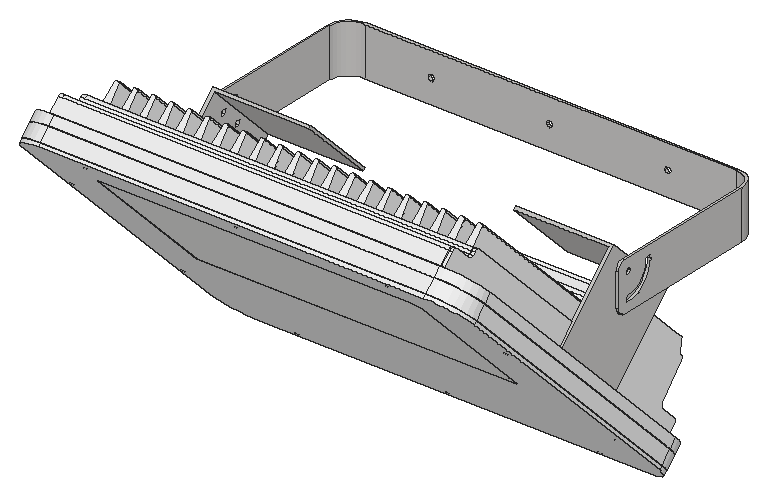
Revit family "FT ATEX LED MAX_2021", category Luminarias, Revit 2021 (continued)
Parameters (values of type "PA304B")
    \t3558.721\t3556.798\t3554.2341\t3548.2516\t3537.7823\r\n3526.672\t3515.7753\t3504.665\t3499.7508\t3494.8366\t3490.9907\t3493.7683\t3502.3147\t3536.073\t3574.5318\r\n3622.3916\t3628.8014\t3629.4424\t3689.2672\t3774.3039\t3880.7066\t4005.9113\t4163.5924\t4379.8163\t4650.5236\r\n4913.1117\t5154.5475\t5380.5998\t5532.0847\t5537.8535\t5372.0534\t4994.7298\t4266.1492\t3270.7073\t2365.0025\r\n1632.3624\t1029.4139\t589.7016\t375.4006\t270.0662\t209.3868\t0\t0\t0\t0\r\n0\t0\t0\t0\t0\t0\t0\t0\t0\t0\r\n0\t0\t0\t0\t0\t0\t0\t0\t0\t0\r\n0\t0\t0\t0\t0\t0\t0\t0\t0\t0\r\n0\t0\t0\t0\t0\t0\t0\t0\t0\t0\r\n0\r\n3513.2114\t3544.4057\t3567.6947\t3585.8558\t3600.3847\t3612.5633\t3623.0326\t3631.3654\t3638.4161\t3639.9118\r\n3640.3391\t3639.6981\t3637.7752\t3642.6893\t3646.3216\t3652.7314\t3661.0641\t3673.8837\t3714.0518\t3756.5701\r\n3812.3354\t3847.5893\t3840.1112\t3895.6628\t3989.0322\t4102.913\t4249.6974\t4428.7445\t4683.2135\t4989.3883\r\n5336.5858\t5672.8867\t5998.2908\t6271.1347\t6371.9822\t6265.5795\t5800.4417\t4931.0591\t4005.2704\t2876.9319\r\n1893.6686\t1128.3385\t627.7331\t383.7334\t274.1258\t210.2414\t0\t0\t0\t0\r\n0\t0\t0\t0\t0\t0\t0\t0\t0\t0\r\n0\t0\t0\t0\t0\t0\t0\t0\t0\t0\r\n0\t0\t0\t0\t0\t0\t0\t0\t0\t0\r\n0\t0\t0\t0\t0\t0\t0\t0\t0\t0\r\n0\r\n3515.7753\t3558.2936\t3594.1885\t3623.0326\t3649.0991\t3671.5334\t3697.1726\t3717.4703\t3738.6227\t3752.7242\r\n3765.3302\t3776.2268\t3785.8415\t3800.1568\t3814.8993\t3829.6418\t3844.1707\t3858.4859\t3878.3563\t3948.4368\r\n4006.9796\t4058.6854\t4065.3088\t4097.9988\t4179.6169\t4294.3523\t4440.7094\t4628.0893\t4879.5671\t5241.0798\r\n5637.8464\t6074.1401\t6530.3042\t6991.5962\t7269.3542\t7283.4557\t6689.0536\t5728.4383\t4793.8894\t3405.3131\r\n2278.4702\t1373.6201\t763.8345\t435.2254\t276.9034\t209.8141\t0\t0\t0\t0\r\n0\t0\t0\t0\t0\t0\t0\t0\t0\t0\r\n0\t0\t0\t0\t0\t0\t0\t0\t0\t0\r\n0\t0\t0\t0\t0\t0\t0\t0\t0\t0\r\n0\t0\t0\t0\t0\t0\t0\t0\t0\t0\r\n0\r\n3517.0573\t3568.5493\t3617.4775\t3658.7138\t3695.2497\t3734.7768\t3772.8083\t3807.6349\t3841.1795\t3868.7416\r\n3895.4491\t3916.3878\t3938.6084\t3959.7608\t3983.6907\t4006.9796\t4028.773\t4045.4384\t4061.8903\t4112.7413\r\n4177.053\t4237.3051\t4282.3874\t4274.9093\t4328.9653\t4429.3855\t4562.923\t4739.4061\t4980.4146\t5361.3704\r\n5866.8899\t6397.1941\t7039.2424\t7703.084\t8237.4476\t8483.1566\t7981.483\t6855.7084\t5523.111\t4140.9445\r\n2709.2088\t1671.4622\t1006.1249\t595.4704\t353.821\t229.0435\t0\t0\t0\t0\r\n0\t0\t0\t0\t0\t0\t0\t0\t0\t0\r\n0\t0\t0\t0\t0\t0\t0\t0\t0\t0\r\n0\t0\t0\t0\t0\t0\t0\t0\t0\t0\r\n0\t0\t0\t0\t0\t0\t0\t0\t0\t0\r\n0\r\n3516.6299\t3579.0187\t3637.3478\t3693.3268\t3743.3232\t3796.5245\t3845.6663\t3894.1672\t3941.1724\t3983.0497\r\n4020.6539\t4056.7624\t4090.0934\t4120.6468\t4150.7728\t4180.0442\t4206.7517\t4224.0582\t4251.193\t4274.482\r\n4327.0423\t4394.5589\t4447.1192\t4446.0509\t4463.9984\t4552.8809\t4679.5813\t4852.6459\t5102.6281\t5519.0515\r\n6070.0806\t6739.0501\t7490.4923\t8329.7488\t8900.221\t9063.4572\t8747.8814\t7872.3027\t6223.0612\t4447.7602\r\n3034.8266\t1869.9523\t1155.4733\t702.9414\t421.3375\t260.6652\t0\t0\t0\t0\r\n0\t0\t0\t0\t0\t0\t0\t0\t0\t0\r\n0\t0\t0\t0\t0\t0\t0\t0\t0\t0\r\n0\t0\t0\t0\t0\t0\t0\t0\t0\t0\r\n0\t0\t0\t0\t0\t0\t0\t0\t0\t0\r\n0\r\n3515.1343\t3586.9241\t3657.0046\t3724.9484\t3790.3284\t3855.4947\t3918.7381\t3979.2038\t4035.1828\t4093.2983\r\n4143.5084\t4193.9321\t4239.4417\t4278.9688\t4315.0774\t4348.622\t4377.4661\t4398.1911\t4434.2996\t4436.8636\r\n4454.17\t4525.3188\t4582.5797\t4616.7653\t4634.0717\t4703.9386\t4842.3902\t5051.9907\t5356.2425\t5779.2893\r\n6382.8788\t7081.3334\t7804.3588\t8470.337\t8849.7972\t9047.219\t9045.7234\t8108.8243\t6372.4095\t4319.9915\r\n2927.9966\t1973.1501\t1291.1474\t811.6943\t487.1448\t293.3552\t0\t0\t0\t0\r\n0\t0\t0\t0\t0\t0\t0\t0\t0\t0\r\n0\t0\t0\t0\t0\t0\t0\t0\t0\t0\r\n0\t0\t0\t0\t0\t0\t0\t0\t0\t0\r\n0\t0\t0\t0\t0\t0\t0\t0\t0\t0\r\n0\r\n3517.6982\t3599.3164\t3677.5159\t3757.4248\t3835.6243\t3914.8922\t3992.8781\t4064.2405\t4133.039\t4203.7605\r\n4268.9268\t4329.3926\t4383.8759\t4432.163\t4472.9721\t4509.508\t4540.7023\t4567.8371\t4597.5359\t4611.8511\r\n4629.1576\t4660.3519\t4726.1592\t4781.4971\t4861.1923\t4939.3919\t5115.0204\t5379.5315\t5741.2579\t6248.273\r\n6835.4107\t7407.8059\t7840.4674\t8111.8156\t8563.9201\t8721.1739\t8054.341\t7143.5084\t5469.4823\t3655.5089\r\n2453.6714\t1718.0401\t1175.771\t779.218\t491.6317\t304.2518\t0\t0\t0\t0\r\n0\t0\t0\t0\t0\t0\t0\t0\t0\t0\r\n0\t0\t0\t0\t0\t0\t0\t0\t0\t0\r\n0\t0\t0\t0\t0\t0\t0\t0\t0\t0\r\n0\t0\t0\t0\t0\t0\t0\t0\t0\t0\r\n0\r\n3511.7158\t3602.7349\t3689.2672\t3781.3547\t3874.7241\t3966.3842\t4055.4805\t4142.0128\t4224.9128\t4303.7534\r\n4377.2524\t4448.6149\t4512.2855\t4570.1874\t4622.1068\t4665.6934\t4697.5288\t4735.5602\t4774.019\t4790.0435\r\n4807.7773\t4828.9297\t4884.4813\t4979.7736\t5096.0047\t5268.4283\t5480.5927\t5802.5783\t6238.4447\t6734.9905\r\n7181.7536\t7507.5851\t7790.6846\t8132.3269\t8116.0888\t7186.2404\t6250.196\t5280.6069\t3848.4439\t2589.1319\r\n1779.3605\t1256.9618\t885.8344\t611.9222\t414.0731\t251.9051\t0\t0\t0\t0\r\n0\t0\t0\t0\t0\t0\t0\t0\t0\t0\r\n0\t0\t0\t0\t0\t0\t0\t0\t0\t0\r\n0\t0\t0\t0\t0\t0\t0\t0\t0\t0\r\n0\t0\t0\t0\t0\t0\t0\t0\t0\t0\r\n0\r\n3505.7333\t3605.0852\t3700.5912\t3804.43\t3909.337\t4013.1758\t4116.8009\t4217.0074\t4312.5134\t4400.5414\r\n4484.7234\t4563.7776\t4633.0034\t4698.8107\t4757.3536\t4809.2729\t4849.8683\t4896.2326\t4937.2553\t4969.0906\r\n4994.7298\t5030.411\t5098.5686\t5223.1324\t5405.3843\t5637.4191\t5935.0475\t6332.4551\t6774.9449\t7165.9427\r\n7425.967\t7681.718\t7986.3971\t7935.5461\t6855.7084\t5597.251\t4367.8514\t3151.485\t2197.9204\t1537.4974\r\n1091.1616\t771.0989\t543.551\t383.947\t275.6214\t193.3623\t0\t0\t0\t0\r\n0\t0\t0\t0\t0\t0\t0\t0\t0\t0\r\n0\t0\t0\t0\t0\t0\t0\t0\t0\t0\r\n0\t0\t0\t0\t0\t0\t0\t0\t0\t0\r\n0\t0\t0\t0\t0\t0\t0\t0\t0\t0\r\n0\r\n3498.4688\t3606.5808\t3710.4196\t3822.8047\t3938.6084\t4055.9078\t4171.0705\t4285.3786\t4391.7813\t4491.5605\r\n4584.289\t4670.8213\t4749.4481\t4819.7423\t4887.2588\t4943.6651\t4990.243\t5048.1448\t5088.3129\t5139.164\r\n5178.6911\t5244.4984\t5355.3879\t5525.8886\t5754.5048\t6046.3643\t6418.3464\t6839.2566\t7226.1949\t7495.4065\r\n7736.6286\t8056.9049\t8073.9977\t6953.7784\t5604.3018\t4230.8953\t2960.2593\t2042.3759\t1422.7619\t1011.6801\r\n729.2216\t523.467\t380.5285\t279.04\t211.0961\t159.3904\t0\t0\t0\t0\r\n0\t0\t0\t0\t0\t0\t0\t0\t0\t0\r\n0\t0\t0\t0\t0\t0\t0\t0\t0\t0\r\n0\t0\t0\t0\t0\t0\t0\t0\t0\t0\r\n0\t0\t0\t0\t0\t0\t0\t0\t0\t0\r\n0\r\n3503.383\t3615.5545\t3727.2987\t3848.4439\t3974.717\t4102.6993\t4228.9724\t4353.7498\t4470.8355\t4579.1611\r\n4681.5043\t4778.0786\t4864.6109\t4944.7334\t5018.4461\t5083.3987\t5137.241\t5196.6385\t5240.2252\t5297.0587\r\n5358.3791\t5461.1496\t5634.2142\t5860.9075\t6147.4255\t6508.9382\t6936.2582\t7325.5468\t7617.4063\t7855.4236\r\n8190.8698\t8383.3774\t7358.8777\t5880.1369\t4426.8215\t3037.8179\t2067.3742\t1419.1297\t1008.0479\t727.085\r\n542.6964\t396.3393\t294.4235\t227.9752\t183.5339\t149.7757\t0\t0\t0\t0\r\n0\t0\t0\t0\t0\t0\t0\t0\t0\t0\r\n0\t0\t0\t0\t0\t0\t0\t0\t0\t0\r\n0\t0\t0\t0\t0\t0\t0\t0\t0\t0\r\n0\t0\t0\t0\t0\t0\t0\t0\t0\t0\r\n0\r\n3499.7508\t3618.5458\t3736.6997\t3864.0411\t3998.0059\t4134.1073\t4269.9951\t4405.4555\t4533.2242\t4648.6006\r\n4759.7038\t4860.5513\t4957.553\t5045.7946\t5127.199\t5203.0483\t5274.8381\t5348.9781\t5403.2477\t5463.2862\r\n5529.9481\t5663.9129\t5877.7866\t6145.9299\t6482.6581\t6907.6278\t7329.6063\t7676.3765\t7928.2816\t8221.4231\r\n8589.132\t8129.9767\t6572.6089\t5104.5511\t3483.5126\t2326.3301\t1584.9299\t1117.8691\t813.6173\t604.8715\r\n473.8979\t359.1625\t264.0838\t207.6775\t170.287\t141.8702\t0\t0\t0\t0\r\n0\t0\t0\t0\t0\t0\t0\t0\t0\t0\r\n0\t0\t0\t0\t0\t0\t0\t0\t0\t0\r\n0\t0\t0\t0\t0\t0\t0\t0\t0\t0\r\n0\t0\t0\t0\t0\t0\t0\t0\t0\t0\r\n0\r\n3502.742\t3625.3829\t3748.0237\t3884.7661\t4024.2861\t4167.652\t4314.0091\t4455.452\t4588.5622\t4711.844\r\n4826.5794\t4931.4865\t5031.2657\t5123.7805\t5212.4494\t5298.9817\t5387.0096\t5474.6102\t5552.1688\t5631.0093\r\n5736.771\t5900.0072\t6117.0858\t6420.483\t6802.2934\t7252.9024\t7647.746\t7959.9033\t8234.2427\t8581.2266\r\n8673.7414\t7487.2874\t6004.2733\t4225.9811\t2762.8375\t1852.6459\t1284.7376\t934.9762\t696.9589\t524.9626\r\n418.9873\t330.3184\t249.7685\t197.8492\t163.6636\t136.9561\t0\t0\t0\t0\r\n0\t0\t0\t0\t0\t0\t0\t0\t0\t0\r\n0\t0\t0\t0\t0\t0\t0\t0\t0\t0\r\n0\t0\t0\t0\t0\t0\t0\t0\t0\t0\r\n0\t0\t0\t0\t0\t0\t0\t0\t0\t0\r\n0\r\n3498.8962\t3626.0239\t3752.5106\t3893.9535\t4038.3877\t4189.018\t4340.7166\t4486.219\t4625.098\t4754.7896\r\n4871.6617\t4981.2692\t5084.6807\t5179.7594\t5271.2059\t5363.7206\t5458.372\t5557.7239\t5651.0933\t5750.0179\r\n5888.6833\t6094.4378\t6352.5391\t6679.0116\t7081.7607\t7484.5098\t7856.0645\t8169.0764\t8483.7976\t8852.5748\r\n8546.4\t7058.8991\t5606.0111\t3655.5089\t2370.985\t1600.7407\t1128.7658\t840.5384\t625.8101\t467.9154\r\n373.4777\t294.4235\t227.1206\t184.3886\t152.9806\t129.0506\t0\t0\t0\t0\r\n0\t0\t0\t0\t0\t0\t0\t0\t0\t0\r\n0\t0\t0\t0\t0\t0\t0\t0\t0\t0\r\n0\t0\t0\t0\t0\t0\t0\t0\t0\t0\r\n0\t0\t0\t0\t0\t0\t0\t0\t0\t0\r\n0\r\n3501.2464\t3630.2971\t3759.5614\t3903.5682\t4051.8482\t4207.6064\t4363.5782\t4515.2768\t4655.8651\t4788.3343\r\n4905.6336\t5015.4548\t5117.798\t5213.5177\t5308.81\t5404.316\t5508.1548\t5613.7028\t5712.4138\t5833.1317\r\n5996.3679\t6234.3851\t6537.5687\t6907.6278\t7341.3576\t7750.0892\t8098.7823\t8383.3774\t8725.0198\t9048.7147\r\n8361.5841\t6833.9151\t5065.024\t3170.9281\t2087.4582\t1416.3521\t1011.6801\t768.3214\t552.0974\t421.3375\r\n336.3008\t267.075\t210.6688\t173.7056\t145.0751\t115.8037\t0\t0\t0\t0\r\n0\t0\t0\t0\t0\t0\t0\t0\t0\t0\r\n0\t0\t0\t0\t0\t0\t0\t0\t0\t0\r\n0\t0\t0\t0\t0\t0\t0\t0\t0\t0\r\n0\t0\t0\t0\t0\t0\t0\t0\t0\t0\r\n0\r\n3496.3322\t3627.0922\t3758.9204\t3902.4999\t4053.7712\t4211.6659\t4369.5607\t4521.6866\t4664.8388\t4798.8036\r\n4915.0346\t5024.8559\t5127.84\t5227.1919\t5323.5526\t5419.6996\t5526.1022\t5635.9235\t5741.6852\t5872.8724\r\n6055.7654\t6313.4393\t6631.5791\t7021.9359\t7472.9722\t7887.0452\t8245.1394\t8567.3387\t8949.5764\t9213.8738\r\n8340.2181\t6811.2671\t4756.9262\t2979.4887\t1979.5599\t1338.5799\t965.1022\t732.6401\t517.4845\t400.6125\r\n319.6354\t252.7598\t200.8404\t166.6548\t138.4517\t110.6759\t0\t0\t0\t0\r\n0\t0\t0\t0\t0\t0\t0\t0\t0\t0\r\n0\t0\t0\t0\t0\t0\t0\t0\t0\t0\r\n0\t0\t0\t0\t0\t0\t0\t0\t0\t0\r\n0\t0\t0\t0\t0\t0\t0\t0\t0\t0\r\n0"
  Modules = "6"
  Lumens = 20100 lm
  built-in parameter 1150115 = 1 (stored number, unit not read)
  built-in parameter 1150105 = 1599.5 (stored number, unit not read)
  built-in parameter 1150137 = (empty or 0)
  built-in parameter 1150139 = (empty or 0)
  Led Module = yes
  built-in parameter 1150112 = 1 (stored number, unit not read)
  built-in parameter 1150114 = 1 (stored number, unit not read)
  built-in parameter 1150132 = 2
  built-in parameter 1150102 = (empty or 0)
  built-in parameter 1150138 = (empty or 0)
  built-in parameter 1150107 = 4000 (stored number, unit not read)
  built-in parameter 1150106 = 15.995 (stored number, unit not read)
  IP = "IP66"
  IK = "IK07"
  Glow wire test = ""
  Equiv MH = 250 W
  Emit from Rectangle Width = 609.6 mm
  Emit from Rectangle Length = 1219.2 mm
  Forma visible en renderización = no
  Emergency system = no
  built-in parameter 1150104 = 13.8 (stored number, unit not read)
  EX Area = "II 3GD Ex nR IIC T5 Gc Ex tb IIIC 100ºC Dc"
  Dimming Lamp Color Temperature Shift = (empty or 0)
  Descripción = "https://www.airfal.com/wp-content/uploads/2019/04/FT-ATEX-LED-MAX.pdf"
  Default Elevation = 0 mm
  Color Filter = 16777215
  built-in parameter 1114218 = 1 (stored number, unit not read)
  built-in parameter 1150133 = 10 (stored number, unit not read)
Reference planes
  plane 1 "Light Source Axis (F/B)": y = 127.013
  plane 2: z = 0
  plane 3 "Light Source Axis (L/R)": x = 0
  plane 4 "Light Source Elevation": through (0, -1.095, 1368.957) normal (0, -0.7071, -0.7071)
  plane 5 "Housing": through (4572, -204.579, 1572.441) normal (0, -0.7071, -0.7071)
  plane 6 "U Axis": z = 1389.607
Forms (mm)
  Extrusion 1, solid, material "Stainless Steel", not visible
    sketch origin (-1007.481, -4572, 1620.824) x (-1, 0, 0) y (0, -1, 0)
      loop
        arc (-772.481, -5035.905) -> (-752.682, -5027.704) -> (-744.481, -5007.905) r 28
        line (-744.481, -5007.905) -> (-744.481, -4812.905) -> (-747.481, -4812.905) -> (-747.481, -5007.905)
        arc (-747.481, -5007.905) -> (-754.804, -5025.583) -> (-772.481, -5032.905) r 25
        line (-772.481, -5032.905) -> (-1242.481, -5032.905)
        arc (-1242.481, -5032.905) -> (-1260.159, -5025.583) -> (-1267.481, -5007.905) r 25
        line (-1267.481, -5007.905) -> (-1267.481, -4812.905) -> (-1270.481, -4812.905) -> (-1270.481, -5007.905)
        arc (-1270.481, -5007.905) -> (-1262.28, -5027.704) -> (-1242.481, -5035.905) r 28
        line (-1242.481, -5035.905) -> (-772.481, -5035.905)
    from 0 to 61.3
  Extrusion 2, void, not visible
    sketch origin (0, 0, 249.224) x (0, 1, 0) y (0, 0, 1)
      loop
        line (240.905, 1371.6) -> (250.905, 1371.6)
        arc (250.905, 1371.6) -> (243.834, 1374.529) -> (240.905, 1381.6) r 10
        line (240.905, 1381.6) -> (240.905, 1371.6)
      loop
        line (240.905, 1432.9) -> (240.905, 1422.9)
        arc (240.905, 1422.9) -> (243.834, 1429.971) -> (250.905, 1432.9) r 10
        line (250.905, 1432.9) -> (240.905, 1432.9)
      loop
        circle (255.905, 1417.95) r 4.2
      loop
        arc (255.905, 1390.75) -> (251.705, 1386.55) -> (255.905, 1382.35) r 4.2
        arc (255.905, 1382.35) -> (281.078, 1392.777) -> (291.505, 1417.95) r 35.6
        arc (291.505, 1417.95) -> (287.305, 1422.15) -> (283.105, 1417.95) r 4.2
        arc (283.105, 1417.95) -> (275.139, 1398.717) -> (255.905, 1390.75) r 27.2
    from -263 to 263
  Extrusion 3, void, not visible
    sketch origin (0, 0, 249.224) x (1, 0, 0) y (0, 0, 1)
      loop
        circle (-150, 1400.15) r 4.2
      loop
        circle (0, 1400.15) r 4.2
      loop
        circle (150, 1400.15) r 4.2
    from -463.905 to -460.905
Dimensions and locks
  aligned and locked: level to plane 2
  aligned and locked: plane 6 "U Axis" to nested 1
Nested families
  nested 1: "U Support" at (0, 127.013, 1374.257) x (1, 0, 0) z (0, 1, 0), type "U Support"
  nested 2: "Housing" at (0, 55.915, 1311.947) x (-1, 0, 0) z (0, 0.7071, 0.7071), type "Housing"
  nested 3: "Cover" at (0, 55.915, 1311.947) x (1, 0, 0) z (0, -0.7071, -0.7071), type "Cover"
Definition of nested family "U Support"
  Parameters (values of type "U Support")
    Default Elevation = 1219.2 mm
  Reference planes
    plane 1 "Center (Front/Back)": y = 0
    plane 2: z = 0
    plane 3 "Center (Left/Right)": x = 0
    plane 4: z = 35
  Forms (mm)
    Extrusion 1, solid
      sketch origin (0, 0, 0) x (1, 0, 0) y (0, 1, 0)
        loop
          line (-1219.2, 1219.2) -> (-1219.2, -1219.2) -> (1219.2, -1219.2) -> (1219.2, 1219.2) -> (-1219.2, 1219.2)
      from 0 to -304.8
    Extrusion 2, solid
      sketch origin (0, 30.65, 35) x (1, 0, 0) y (0, 0, 1)
        loop
          line (-263, 0) -> (-260, 0) -> (-260, 195)
          arc (-260, 195) -> (-252.678, 212.678) -> (-235, 220) r 25
          line (-235, 220) -> (235, 220)
          arc (235, 220) -> (252.678, 212.678) -> (260, 195) r 25
          line (260, 195) -> (260, 0) -> (263, 0) -> (263, 195)
          arc (263, 195) -> (254.799, 214.799) -> (235, 223) r 28
          line (235, 223) -> (-235, 223)
          arc (-235, 223) -> (-254.799, 214.799) -> (-263, 195) r 28
          line (-263, 195) -> (-263, 0)
      from 0 to 61.3
    Extrusion 3, void
      sketch origin (0, 30.65, 35) x (0, -1, 0) y (1, 0, 0)
        loop
          circle (30.65, 150) r 4
        loop
          circle (30.65, 0) r 4
        loop
          circle (30.65, -150) r 4
      from 220 to 223
    Extrusion 4, void
      sketch origin (0, 30.65, 35) x (0, 0, 1) y (0, -1, 0)
        loop
          line (0, 61.3) -> (0, 51.3)
          arc (0, 51.3) -> (2.929, 58.371) -> (10, 61.3) r 10
          line (10, 61.3) -> (0, 61.3)
        loop
          line (0, 0) -> (10, 0)
          arc (10, 0) -> (2.929, 2.929) -> (0, 10) r 10
          line (0, 10) -> (0, 0)
        loop
          circle (15, 46) r 4.2
        loop
          arc (15, 19.2) -> (10.8, 15) -> (15, 10.8) r 4.2
          arc (15, 10.8) -> (39.89, 21.11) -> (50.2, 46) r 35.2
          arc (50.2, 46) -> (46, 50.2) -> (41.8, 46) r 4.2
          arc (41.8, 46) -> (33.95, 27.05) -> (15, 19.2) r 26.8
      from -263 to 263
  Cuts and joins
    Extrusion 3, Extrusion 4 cuts Extrusion 2
  Lines and regions (mm)
    model lines
      curve 1: line (-263, -15.35, 54.2) -> (-263, -15.35, 76.8)
      curve 2: line (-263, -11.15, 50) -> (-263, 11.45, 50)
      curve 3: line (263, -15.35, 54.2) -> (263, -15.35, 76.8)
      curve 4: line (263, -11.15, 50) -> (263, 11.45, 50)
  Dimensions and locks
    aligned and locked: plane 2 to Extrusion 1
    aligned and locked: level to Extrusion 1
Definition of nested family "Housing"
  Parameters (values of type "Housing")
    Default Elevation = 1219.2 mm
  Reference planes
    plane 1 "Center (Front/Back)": y = 0
    plane 2: z = 0
    plane 3 "Center (Left/Right)": x = 0
    plane 4: x = -250
    plane 5: x = -245
    plane 6: x = 250
    plane 7: x = 245
  Forms (mm)
    Extrusion 1, solid
      sketch origin (0, 0, 0) x (1, 0, 0) y (0, 1, 0)
        loop
          line (-1219.2, 1219.2) -> (-1219.2, -1219.2) -> (1219.2, -1219.2) -> (1219.2, 1219.2) -> (-1219.2, 1219.2)
      from 0 to -304.8
    Extrusion 2, solid
      sketch origin (80.881, -55.184, 0) x (1, 0, 0) y (0, 1, 0)
        loop
          arc (-325.221, 303.184) -> (-353.972, 291.275) -> (-365.881, 262.524) r 40.66
          line (-365.881, 262.524) -> (-365.881, -152.156)
          arc (-365.881, -152.156) -> (-353.972, -180.906) -> (-325.221, -192.816) r 40.66
          line (-325.221, -192.816) -> (163.459, -192.816)
          arc (163.459, -192.816) -> (192.21, -180.906) -> (204.119, -152.156) r 40.66
          line (204.119, -152.156) -> (204.119, 262.524)
          arc (204.119, 262.524) -> (192.21, 291.275) -> (163.459, 303.184) r 40.66
          line (163.459, 303.184) -> (-325.221, 303.184)
        loop
          arc (-360.881, -152.156) -> (-350.436, -177.371) -> (-325.221, -187.816) r 35.66
          line (-325.221, -187.816) -> (163.459, -187.816)
          arc (163.459, -187.816) -> (188.675, -177.371) -> (199.119, -152.156) r 35.66
          line (199.119, -152.156) -> (199.119, 262.524)
          arc (199.119, 262.524) -> (188.675, 287.74) -> (163.459, 298.184) r 35.66
          line (163.459, 298.184) -> (-325.221, 298.184)
          arc (-325.221, 298.184) -> (-350.436, 287.74) -> (-360.881, 262.524) r 35.66
          line (-360.881, 262.524) -> (-360.881, -152.156)
      from 0 to 18.5
    Extrusion 3, solid
      sketch origin (80.881, -55.184, 18.5) x (1, 0, 0) y (0, 1, 0)
        loop
          line (163.459, 303.184) -> (-325.221, 303.184)
          arc (-325.221, 303.184) -> (-353.972, 291.275) -> (-365.881, 262.524) r 40.66
          line (-365.881, 262.524) -> (-365.881, -152.156)
          arc (-365.881, -152.156) -> (-353.972, -180.906) -> (-325.221, -192.816) r 40.66
          line (-325.221, -192.816) -> (163.459, -192.816)
          arc (163.459, -192.816) -> (192.21, -180.906) -> (204.119, -152.156) r 40.66
          line (204.119, -152.156) -> (204.119, 262.524)
          arc (204.119, 262.524) -> (192.21, 291.275) -> (163.459, 303.184) r 40.66
        loop
          line (-325.881, 252.944) -> (-325.881, -142.576)
          arc (-325.881, -142.576) -> (-322.917, -149.731) -> (-315.761, -152.696) r 10.12
          line (-315.761, -152.696) -> (153.999, -152.696)
          arc (153.999, -152.696) -> (161.155, -149.731) -> (164.119, -142.576) r 10.12
          line (164.119, -142.576) -> (164.119, 252.944)
          arc (164.119, 252.944) -> (161.155, 260.1) -> (153.999, 263.064) r 10.12
          line (153.999, 263.064) -> (-315.761, 263.064)
          arc (-315.761, 263.064) -> (-322.917, 260.1) -> (-325.881, 252.944) r 10.12
      from 0 to 12.8
    Extrusion 4, solid
      sketch origin (0, 0, 0) x (0, 1, 0) y (0, 0, 1)
        loop
          line (248, 31.3) -> (247.357, 49.724)
          arc (247.357, 49.724) -> (245.833, 53.147) -> (242.36, 54.55) r 5
          line (242.36, 54.55) -> (216.361, 54.55)
          arc (216.361, 54.55) -> (212.983, 55.864) -> (211.38, 59.114) r 5
          line (211.38, 59.114) -> (211.02, 63.236)
          arc (211.02, 63.236) -> (209.417, 66.486) -> (206.039, 67.8) r 5
          line (206.039, 67.8) -> (-49.678, 67.8)
          arc (-49.678, 67.8) -> (-53.056, 69.114) -> (-54.659, 72.364) r 5
          line (-54.659, 72.364) -> (-57.536, 105.246)
          arc (-57.536, 105.246) -> (-59.139, 108.497) -> (-62.517, 109.811) r 5
          line (-62.517, 109.811) -> (-64.865, 109.811) -> (-73.847, 121.074) -> (-74.57, 125) -> (-90.43, 125) -> (-92.22, 109.8) -> (-173.54, 109.8) -> (-174.84, 125) -> (-190.31, 125) -> (-191.033, 121.074) -> (-200.015, 109.811) -> (-202.363, 109.811)
          arc (-202.363, 109.811) -> (-205.741, 108.497) -> (-207.344, 105.246) r 5
          line (-207.344, 105.246) -> (-211.38, 59.114)
          arc (-211.38, 59.114) -> (-212.983, 55.864) -> (-216.361, 54.55) r 5
          line (-216.361, 54.55) -> (-242.36, 54.55)
          arc (-242.36, 54.55) -> (-245.833, 53.147) -> (-247.357, 49.724) r 5
          line (-247.357, 49.724) -> (-248, 31.3) -> (-207.88, 31.3) -> (-201.849, 100.236)
          arc (-201.849, 100.236) -> (-200.246, 103.486) -> (-196.868, 104.8) r 5
          line (-196.868, 104.8) -> (-72.117, 104.8)
          arc (-72.117, 104.8) -> (-68.739, 103.486) -> (-67.136, 100.236) r 5
          line (-67.136, 100.236) -> (-64.621, 71.493)
          arc (-64.621, 71.493) -> (-59.812, 61.741) -> (-49.678, 57.8) r 15
          line (-49.678, 57.8) -> (196.943, 57.8)
          arc (196.943, 57.8) -> (199.987, 56.767) -> (201.772, 54.094) r 5
          line (201.772, 54.094) -> (207.88, 31.3) -> (248, 31.3)
      from -245 to 245
    Extrusion 5, solid
      sketch origin (505, 0, 0) x (0, 1, 0) y (0, 0, 1)
        loop
          line (248, 31.3) -> (247.357, 49.724)
          arc (247.357, 49.724) -> (245.833, 53.147) -> (242.36, 54.55) r 5
          line (242.36, 54.55) -> (216.361, 54.55)
          arc (216.361, 54.55) -> (212.983, 55.864) -> (211.38, 59.114) r 5
          line (211.38, 59.114) -> (211.02, 63.236)
          arc (211.02, 63.236) -> (209.417, 66.486) -> (206.039, 67.8) r 5
          line (206.039, 67.8) -> (-49.678, 67.8)
          arc (-49.678, 67.8) -> (-53.056, 69.114) -> (-54.659, 72.364) r 5
          line (-54.659, 72.364) -> (-57.536, 105.246)
          arc (-57.536, 105.246) -> (-59.139, 108.497) -> (-62.517, 109.811) r 5
          line (-62.517, 109.811) -> (-64.865, 109.811) -> (-73.847, 121.074) -> (-74.57, 125) -> (-174.84, 125) -> (-190.31, 125) -> (-191.033, 121.074) -> (-200.015, 109.811) -> (-202.363, 109.811)
          arc (-202.363, 109.811) -> (-205.741, 108.497) -> (-207.344, 105.246) r 5
          line (-207.344, 105.246) -> (-211.38, 59.114)
          arc (-211.38, 59.114) -> (-212.983, 55.864) -> (-216.361, 54.55) r 5
          line (-216.361, 54.55) -> (-242.36, 54.55)
          arc (-242.36, 54.55) -> (-245.833, 53.147) -> (-247.357, 49.724) r 5
          line (-247.357, 49.724) -> (-248, 31.3) -> (248, 31.3)
      from -260 to -255
    Extrusion 6, solid
      sketch origin (10, 0, 0) x (0, 1, 0) y (0, 0, 1)
        loop
          line (248, 31.3) -> (247.357, 49.724)
          arc (247.357, 49.724) -> (245.833, 53.147) -> (242.36, 54.55) r 5
          line (242.36, 54.55) -> (216.361, 54.55)
          arc (216.361, 54.55) -> (212.983, 55.864) -> (211.38, 59.114) r 5
          line (211.38, 59.114) -> (211.02, 63.236)
          arc (211.02, 63.236) -> (209.417, 66.486) -> (206.039, 67.8) r 5
          line (206.039, 67.8) -> (-49.678, 67.8)
          arc (-49.678, 67.8) -> (-53.056, 69.114) -> (-54.659, 72.364) r 5
          line (-54.659, 72.364) -> (-57.536, 105.246)
          arc (-57.536, 105.246) -> (-59.139, 108.497) -> (-62.517, 109.811) r 5
          line (-62.517, 109.811) -> (-64.865, 109.811) -> (-73.847, 121.074) -> (-74.57, 125) -> (-174.84, 125) -> (-190.31, 125) -> (-191.033, 121.074) -> (-200.015, 109.811) -> (-202.363, 109.811)
          arc (-202.363, 109.811) -> (-205.741, 108.497) -> (-207.344, 105.246) r 5
          line (-207.344, 105.246) -> (-211.38, 59.114)
          arc (-211.38, 59.114) -> (-212.983, 55.864) -> (-216.361, 54.55) r 5
          line (-216.361, 54.55) -> (-242.36, 54.55)
          arc (-242.36, 54.55) -> (-245.833, 53.147) -> (-247.357, 49.724) r 5
          line (-247.357, 49.724) -> (-248, 31.3) -> (248, 31.3)
      from -260 to -255
    Extrusion 7, solid
      sketch origin (0, 0, 0) x (1, 0, 0) y (0, 0, 1)
        loop
          line (-234.94, 67.8) -> (-225.06, 67.8) -> (-227.318, 93.083)
          arc (-227.318, 93.083) -> (-227.8, 94.057) -> (-228.812, 94.45) r 1.5
          line (-228.812, 94.45) -> (-231.188, 94.45)
          arc (-231.188, 94.45) -> (-232.2, 94.057) -> (-232.682, 93.083) r 1.5
          line (-232.682, 93.083) -> (-234.94, 67.8)
      from -194.508 to 56.661
    Extrusion 8, solid
      sketch origin (460, 0, 0) x (1, 0, 0) y (0, 0, 1)
        loop
          line (-234.94, 67.8) -> (-225.06, 67.8) -> (-227.318, 93.083)
          arc (-227.318, 93.083) -> (-227.8, 94.057) -> (-228.812, 94.45) r 1.5
          line (-228.812, 94.45) -> (-231.188, 94.45)
          arc (-231.188, 94.45) -> (-232.2, 94.057) -> (-232.682, 93.083) r 1.5
          line (-232.682, 93.083) -> (-234.94, 67.8)
      from -194.508 to 56.661
    Extrusion 9, solid
      sketch origin (23, 0, 0) x (1, 0, 0) y (0, 0, 1)
        loop
          line (-234.94, 67.8) -> (-225.06, 67.8) -> (-227.318, 93.083)
          arc (-227.318, 93.083) -> (-227.8, 94.057) -> (-228.812, 94.45) r 1.5
          line (-228.812, 94.45) -> (-231.188, 94.45)
          arc (-231.188, 94.45) -> (-232.2, 94.057) -> (-232.682, 93.083) r 1.5
          line (-232.682, 93.083) -> (-234.94, 67.8)
      from -194.508 to 56.661
    Extrusion 10, solid
      sketch origin (46, 0, 0) x (1, 0, 0) y (0, 0, 1)
        loop
          line (-234.94, 67.8) -> (-225.06, 67.8) -> (-227.318, 93.083)
          arc (-227.318, 93.083) -> (-227.8, 94.057) -> (-228.812, 94.45) r 1.5
          line (-228.812, 94.45) -> (-231.188, 94.45)
          arc (-231.188, 94.45) -> (-232.2, 94.057) -> (-232.682, 93.083) r 1.5
          line (-232.682, 93.083) -> (-234.94, 67.8)
      from -194.508 to 56.661
    Extrusion 11, solid
      sketch origin (69, 0, 0) x (1, 0, 0) y (0, 0, 1)
        loop
          line (-234.94, 67.8) -> (-225.06, 67.8) -> (-227.318, 93.083)
          arc (-227.318, 93.083) -> (-227.8, 94.057) -> (-228.812, 94.45) r 1.5
          line (-228.812, 94.45) -> (-231.188, 94.45)
          arc (-231.188, 94.45) -> (-232.2, 94.057) -> (-232.682, 93.083) r 1.5
          line (-232.682, 93.083) -> (-234.94, 67.8)
      from -194.508 to 56.661
    Extrusion 12, solid
      sketch origin (92, 0, 0) x (1, 0, 0) y (0, 0, 1)
        loop
          line (-234.94, 67.8) -> (-225.06, 67.8) -> (-227.318, 93.083)
          arc (-227.318, 93.083) -> (-227.8, 94.057) -> (-228.812, 94.45) r 1.5
          line (-228.812, 94.45) -> (-231.188, 94.45)
          arc (-231.188, 94.45) -> (-232.2, 94.057) -> (-232.682, 93.083) r 1.5
          line (-232.682, 93.083) -> (-234.94, 67.8)
      from -194.508 to 56.661
    Extrusion 13, solid
      sketch origin (115, 0, 0) x (1, 0, 0) y (0, 0, 1)
        loop
          line (-234.94, 67.8) -> (-225.06, 67.8) -> (-227.318, 93.083)
          arc (-227.318, 93.083) -> (-227.8, 94.057) -> (-228.812, 94.45) r 1.5
          line (-228.812, 94.45) -> (-231.188, 94.45)
          arc (-231.188, 94.45) -> (-232.2, 94.057) -> (-232.682, 93.083) r 1.5
          line (-232.682, 93.083) -> (-234.94, 67.8)
      from -194.508 to 56.661
    Extrusion 14, solid
      sketch origin (138, 0, 0) x (1, 0, 0) y (0, 0, 1)
        loop
          line (-234.94, 67.8) -> (-225.06, 67.8) -> (-227.318, 93.083)
          arc (-227.318, 93.083) -> (-227.8, 94.057) -> (-228.812, 94.45) r 1.5
          line (-228.812, 94.45) -> (-231.188, 94.45)
          arc (-231.188, 94.45) -> (-232.2, 94.057) -> (-232.682, 93.083) r 1.5
          line (-232.682, 93.083) -> (-234.94, 67.8)
      from -194.508 to 56.661
    Extrusion 15, solid
      sketch origin (161, 0, 0) x (1, 0, 0) y (0, 0, 1)
        loop
          line (-234.94, 67.8) -> (-225.06, 67.8) -> (-227.318, 93.083)
          arc (-227.318, 93.083) -> (-227.8, 94.057) -> (-228.812, 94.45) r 1.5
          line (-228.812, 94.45) -> (-231.188, 94.45)
          arc (-231.188, 94.45) -> (-232.2, 94.057) -> (-232.682, 93.083) r 1.5
          line (-232.682, 93.083) -> (-234.94, 67.8)
      from -194.508 to 56.661
    Extrusion 16, solid
      sketch origin (184, 0, 0) x (1, 0, 0) y (0, 0, 1)
        loop
          line (-234.94, 67.8) -> (-225.06, 67.8) -> (-227.318, 93.083)
          arc (-227.318, 93.083) -> (-227.8, 94.057) -> (-228.812, 94.45) r 1.5
          line (-228.812, 94.45) -> (-231.188, 94.45)
          arc (-231.188, 94.45) -> (-232.2, 94.057) -> (-232.682, 93.083) r 1.5
          line (-232.682, 93.083) -> (-234.94, 67.8)
      from -194.508 to 56.661
    Extrusion 17, solid
      sketch origin (207, 0, 0) x (1, 0, 0) y (0, 0, 1)
        loop
          line (-234.94, 67.8) -> (-225.06, 67.8) -> (-227.318, 93.083)
          arc (-227.318, 93.083) -> (-227.8, 94.057) -> (-228.812, 94.45) r 1.5
          line (-228.812, 94.45) -> (-231.188, 94.45)
          arc (-231.188, 94.45) -> (-232.2, 94.057) -> (-232.682, 93.083) r 1.5
          line (-232.682, 93.083) -> (-234.94, 67.8)
      from -194.508 to 56.661
    Extrusion 18, solid
      sketch origin (230, 0, 0) x (1, 0, 0) y (0, 0, 1)
        loop
          line (-234.94, 67.8) -> (-225.06, 67.8) -> (-227.318, 93.083)
          arc (-227.318, 93.083) -> (-227.8, 94.057) -> (-228.812, 94.45) r 1.5
          line (-228.812, 94.45) -> (-231.188, 94.45)
          arc (-231.188, 94.45) -> (-232.2, 94.057) -> (-232.682, 93.083) r 1.5
          line (-232.682, 93.083) -> (-234.94, 67.8)
      from -194.508 to 56.661
    Extrusion 19, solid
      sketch origin (253, 0, 0) x (1, 0, 0) y (0, 0, 1)
        loop
          line (-234.94, 67.8) -> (-225.06, 67.8) -> (-227.318, 93.083)
          arc (-227.318, 93.083) -> (-227.8, 94.057) -> (-228.812, 94.45) r 1.5
          line (-228.812, 94.45) -> (-231.188, 94.45)
          arc (-231.188, 94.45) -> (-232.2, 94.057) -> (-232.682, 93.083) r 1.5
          line (-232.682, 93.083) -> (-234.94, 67.8)
      from -194.508 to 56.661
    Extrusion 20, solid
      sketch origin (276, 0, 0) x (1, 0, 0) y (0, 0, 1)
        loop
          line (-234.94, 67.8) -> (-225.06, 67.8) -> (-227.318, 93.083)
          arc (-227.318, 93.083) -> (-227.8, 94.057) -> (-228.812, 94.45) r 1.5
          line (-228.812, 94.45) -> (-231.188, 94.45)
          arc (-231.188, 94.45) -> (-232.2, 94.057) -> (-232.682, 93.083) r 1.5
          line (-232.682, 93.083) -> (-234.94, 67.8)
      from -194.508 to 56.661
    Extrusion 21, solid
      sketch origin (299, 0, 0) x (1, 0, 0) y (0, 0, 1)
        loop
          line (-234.94, 67.8) -> (-225.06, 67.8) -> (-227.318, 93.083)
          arc (-227.318, 93.083) -> (-227.8, 94.057) -> (-228.812, 94.45) r 1.5
          line (-228.812, 94.45) -> (-231.188, 94.45)
          arc (-231.188, 94.45) -> (-232.2, 94.057) -> (-232.682, 93.083) r 1.5
          line (-232.682, 93.083) -> (-234.94, 67.8)
      from -194.508 to 56.661
    Extrusion 22, solid
      sketch origin (322, 0, 0) x (1, 0, 0) y (0, 0, 1)
        loop
          line (-234.94, 67.8) -> (-225.06, 67.8) -> (-227.318, 93.083)
          arc (-227.318, 93.083) -> (-227.8, 94.057) -> (-228.812, 94.45) r 1.5
          line (-228.812, 94.45) -> (-231.188, 94.45)
          arc (-231.188, 94.45) -> (-232.2, 94.057) -> (-232.682, 93.083) r 1.5
          line (-232.682, 93.083) -> (-234.94, 67.8)
      from -194.508 to 56.661
    Extrusion 23, solid
      sketch origin (345, 0, 0) x (1, 0, 0) y (0, 0, 1)
        loop
          line (-234.94, 67.8) -> (-225.06, 67.8) -> (-227.318, 93.083)
          arc (-227.318, 93.083) -> (-227.8, 94.057) -> (-228.812, 94.45) r 1.5
          line (-228.812, 94.45) -> (-231.188, 94.45)
          arc (-231.188, 94.45) -> (-232.2, 94.057) -> (-232.682, 93.083) r 1.5
          line (-232.682, 93.083) -> (-234.94, 67.8)
      from -194.508 to 56.661
    Extrusion 24, solid
      sketch origin (368, 0, 0) x (1, 0, 0) y (0, 0, 1)
        loop
          line (-234.94, 67.8) -> (-225.06, 67.8) -> (-227.318, 93.083)
          arc (-227.318, 93.083) -> (-227.8, 94.057) -> (-228.812, 94.45) r 1.5
          line (-228.812, 94.45) -> (-231.188, 94.45)
          arc (-231.188, 94.45) -> (-232.2, 94.057) -> (-232.682, 93.083) r 1.5
          line (-232.682, 93.083) -> (-234.94, 67.8)
      from -194.508 to 56.661
    Extrusion 25, solid
      sketch origin (391, 0, 0) x (1, 0, 0) y (0, 0, 1)
        loop
          line (-234.94, 67.8) -> (-225.06, 67.8) -> (-227.318, 93.083)
          arc (-227.318, 93.083) -> (-227.8, 94.057) -> (-228.812, 94.45) r 1.5
          line (-228.812, 94.45) -> (-231.188, 94.45)
          arc (-231.188, 94.45) -> (-232.2, 94.057) -> (-232.682, 93.083) r 1.5
          line (-232.682, 93.083) -> (-234.94, 67.8)
      from -194.508 to 56.661
    Extrusion 26, solid
      sketch origin (414, 0, 0) x (1, 0, 0) y (0, 0, 1)
        loop
          line (-234.94, 67.8) -> (-225.06, 67.8) -> (-227.318, 93.083)
          arc (-227.318, 93.083) -> (-227.8, 94.057) -> (-228.812, 94.45) r 1.5
          line (-228.812, 94.45) -> (-231.188, 94.45)
          arc (-231.188, 94.45) -> (-232.2, 94.057) -> (-232.682, 93.083) r 1.5
          line (-232.682, 93.083) -> (-234.94, 67.8)
      from -194.508 to 56.661
    Extrusion 27, solid
      sketch origin (437, 0, 0) x (1, 0, 0) y (0, 0, 1)
        loop
          line (-234.94, 67.8) -> (-225.06, 67.8) -> (-227.318, 93.083)
          arc (-227.318, 93.083) -> (-227.8, 94.057) -> (-228.812, 94.45) r 1.5
          line (-228.812, 94.45) -> (-231.188, 94.45)
          arc (-231.188, 94.45) -> (-232.2, 94.057) -> (-232.682, 93.083) r 1.5
          line (-232.682, 93.083) -> (-234.94, 67.8)
      from -194.508 to 56.661
    Extrusion 28, solid
      sketch origin (0, 0, 0) x (1, 0, 0) y (0, 0, 1)
        loop
          line (-250, 31.3) -> (-250, 151.3) -> (-130, 151.3) -> (-130, 155.3) -> (-254, 155.3) -> (-254, 31.3) -> (-250, 31.3)
        loop
          line (250, 31.3) -> (254, 31.3) -> (254, 155.3) -> (130, 155.3) -> (130, 151.3) -> (250, 151.3) -> (250, 31.3)
      from 0 to 120
    Extrusion 29, void
      sketch origin (0, 0, 0) x (0, 1, 0) y (0, 0, 1)
        loop
          circle (-31, 140.3) r 4.2
        loop
          circle (-62, 140.3) r 4.2
      from -254 to 254
  Cuts and joins
    joined: Extrusion 4, Extrusion 5, Extrusion 7, Extrusion 8, Extrusion 9, Extrusion 10, Extrusion 11, Extrusion 12, Extrusion 13, Extrusion 14, Extrusion 15, Extrusion 16, Extrusion 17, Extrusion 18, Extrusion 19, Extrusion 20, Extrusion 21, Extrusion 22, Extrusion 23, Extrusion 24, Extrusion 25, Extrusion 26, Extrusion 27
    joined: Extrusion 3, Extrusion 6
    Extrusion 29 cuts Extrusion 28
  Lines and regions (mm)
    model lines
      curve 1: line (0, -31, 136.1) -> (0, -31, 126.1)
      curve 2: line (-254, -31, 136.1) -> (-254, -31, 126.1)
      curve 3: line (250, -31, 136.1) -> (250, -31, 126.1)
  Dimensions and locks
    aligned and locked: plane 2 to Extrusion 1
    aligned and locked: level to Extrusion 1
    aligned and locked: Extrusion 4 to Extrusion 3  (x2)
    aligned and locked: Extrusion 5 to Extrusion 3
    aligned and locked: Extrusion 5 to plane 6
    aligned and locked: Extrusion 6 to Extrusion 3
    aligned and locked: Extrusion 6 to plane 4
Definition of nested family "Cover"
  Parameters (values of type "Cover")
    Default Elevation = 1219.2 mm
  Reference planes
    plane 1 "Center (Front/Back)": y = 0
    plane 2: z = 0
    plane 3 "Center (Left/Right)": x = 0
  Forms (mm)
    Extrusion 1, solid
      sketch origin (0, 0, 0) x (1, 0, 0) y (0, 1, 0)
        loop
          line (-1219.2, 1219.2) -> (-1219.2, -1219.2) -> (1219.2, -1219.2) -> (1219.2, 1219.2) -> (-1219.2, 1219.2)
      from 0 to -304.8
    Extrusion 2, solid
      sketch origin (80.881, -55.184, 0) x (1, 0, 0) y (0, 1, 0)
        loop
          arc (-325.221, 303.184) -> (-353.972, 291.275) -> (-365.881, 262.524) r 40.66
          line (-365.881, 262.524) -> (-365.881, -152.156)
          arc (-365.881, -152.156) -> (-353.972, -180.906) -> (-325.221, -192.816) r 40.66
          line (-325.221, -192.816) -> (163.459, -192.816)
          arc (163.459, -192.816) -> (192.21, -180.906) -> (204.119, -152.156) r 40.66
          line (204.119, -152.156) -> (204.119, 262.524)
          arc (204.119, 262.524) -> (192.21, 291.275) -> (163.459, 303.184) r 40.66
          line (163.459, 303.184) -> (-325.221, 303.184)
        loop
          line (-283.381, 243.554) -> (-283.381, 21.554) -> (121.619, 21.554) -> (121.619, 243.554) -> (-283.381, 243.554)
        loop
          circle (110.989, -182.686) r 3
        loop
          circle (193.989, -76.686) r 3
        loop
          circle (193.989, 173.314) r 3
        loop
          circle (-272.751, -182.686) r 3
        loop
          circle (-80.881, -182.686) r 3
        loop
          circle (110.989, 293.054) r 3
        loop
          circle (-272.751, 293.054) r 3
        loop
          circle (-80.881, 293.054) r 3
        loop
          circle (-355.751, -76.686) r 3
        loop
          circle (-355.751, 173.314) r 3
      from 0 to 5
    Extrusion 3, solid
      sketch origin (0, 0, 0) x (1, 0, 0) y (0, 1, 0)
        loop
          line (-202.5, 188.37) -> (-202.5, -33.63) -> (202.5, -33.63) -> (202.5, 188.37) -> (-202.5, 188.37)
      from 0 to 5
  Dimensions and locks
    aligned and locked: plane 2 to Extrusion 1
    aligned and locked: level to Extrusion 1
    aligned and locked: Extrusion 2 to Extrusion 3
    aligned and locked: Extrusion 3 to level
